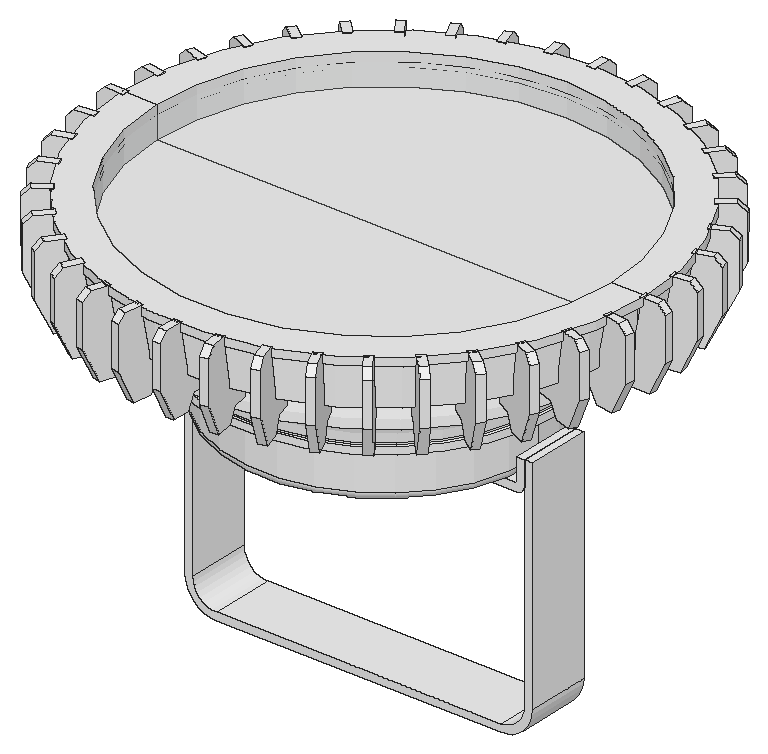
Revit family "HBLH", category Lighting Fixtures, host Face, Revit 2021
Family settings
  Host = Face
  Round Connector Dimension = Use Diameter
  Part Type = Normal
  OmniClass Number = 23.80.70.14.14
  OmniClass Title = Exterior Floodlights
  Cut with Voids When Loaded = No
  Light Source = Yes
  Shared = No
  Room Calculation Point = No
Parameters
  Wattage Comments = "57 Watts, 24 LEDs"
  Wattage = 112 W
  Watt = 57 W
  Warranty = "5 Year Warranty"
  built-in parameter 1150110 = 1 (stored number, unit not read)
  Voltage = 277 V
  URL = "https://www.currentlighting.com/columbialighting"
  built-in parameter 1114217 = 1 (stored number, unit not read)
  Tilt Angle = -90.00°
  built-in parameter 1150109 = 1 (stored number, unit not read)
  built-in parameter 1150134 = 2
  built-in parameter 1150113 = 1 (stored number, unit not read)
  Product Page URL = ""
  Product Documentation Link = ""
  Power Factor = 1
  Photometric Web File = "HBLH60LU5KA070WH.ies"
  Optics = "Narrow"
  Model = "HBLH"  # constant formula
  Material Finish = Paint -  White Texture
  Manufacturer = "Columbia Lighting"  # constant formula
  built-in parameter 1150105 = 811.05 (stored number, unit not read)
  Lumens = 10192 lm
  built-in parameter 1150115 = 1 (stored number, unit not read)
  Load Classification = Lighting
  built-in parameter 1150137 = (empty or 0)
  built-in parameter 1150139 = (empty or 0)
  built-in parameter 1150112 = 1 (stored number, unit not read)
  built-in parameter 1150114 = 1 (stored number, unit not read)
  Lamp = "24 High Performanc LEDs"
  built-in parameter 1150132 = (empty or 0)
  built-in parameter 1150102 = (empty or 0)
  built-in parameter 1150107 = 5000 (stored number, unit not read)
  built-in parameter 1150138 = (empty or 0)
  built-in parameter 1150106 = 8.1105 (stored number, unit not read)
  Glass = Glass
  Fastners = Paint - Light Silver
  Emit from Circle Diameter = 11.000"
  Emit Shape Visible in Rendering = no
  built-in parameter 1150104 = 8.4542 (stored number, unit not read)
  Dimming Lamp Color Temperature Shift = <None>
  Description = "The HBLH Series Hazardous LED Flood Light is designed to efficiently light classified areas in heavy industrial settings."  # constant formula
  Default Elevation = 48.000"
  Contact us = ""
  Color Filter = 16777215
  Certification = "CSA Listed to UL844\r\n• CSA Listed to UL1598 Wet Location\r\n• Wet Location listed up to 90 degrees\r\n• Damp location listed at greater than 90 degrees mounting angle\r\n• Class I, Division 2, Groups A, B, C & D\r\n• IP66 with factory installed ENCG option"  # constant formula
  built-in parameter 1114218 = 1 (stored number, unit not read)
  built-in parameter 1150133 = 10 (stored number, unit not read)
  Apparent Load = Watt / Power Factor  # 57 VA
Reference planes (in)
  plane 1 "Center (Front/Back)": y = 0
  plane 2: z = 0
  plane 3 "Center (Left/Right)": x = 0
  plane 4: z = 8
  plane 5: x = -7
  plane 6: x = 7
  plane 7: x = -6.75
  plane 8: x = 6.75
  plane 9: z = 0.25
  plane 10: y = 1
  plane 11: y = -1
  plane 12: z = 7
  plane 13: z = 7.25
  plane 14: x = -6.5
  plane 15: x = 6.5
  plane 16: x = -5.5
  plane 17: x = 5.5
  plane 18: z = 13
Forms (in)
  Extrusion 1, solid, material "Paint -  White Texture" <- "Material Finish"
    sketch origin (0, 0, 0) x (1, 0, 0) y (0, 0, 1)
      loop
        arc (-5.5, 1) -> (-5.20711, 0.29289) -> (-4.5, 0) r 1
        line (-4.5, 0) -> (4.5, 0)
        arc (4.5, 0) -> (5.20711, 0.29289) -> (5.5, 1) r 1
        line (5.5, 1) -> (5.5, 8) -> (5.25, 8) -> (5.25, 1)
        arc (5.25, 1) -> (5.03033, 0.46967) -> (4.5, 0.25) r 0.75
        line (4.5, 0.25) -> (-4.5, 0.25)
        arc (-4.5, 0.25) -> (-5.03033, 0.46967) -> (-5.25, 1) r 0.75
        line (-5.25, 1) -> (-5.25, 8) -> (-5.5, 8) -> (-5.5, 1)
    from 1 to -1
  Extrusion 2, solid, material "Paint -  White Texture" <- "Material Finish"
    sketch origin (0, 0, 0) x (1, 0, 0) y (0, 0, 1)
      loop
        line (-5.25, 8) -> (-5.25, 7.25)
        arc (-5.25, 7.25) -> (-5.17678, 7.07322) -> (-5, 7) r 0.25
        line (-5, 7) -> (5, 7)
        arc (5, 7) -> (5.17678, 7.07322) -> (5.25, 7.25) r 0.25
        line (5.25, 7.25) -> (5.25, 8) -> (5, 8) -> (5, 7.25) -> (-5, 7.25) -> (-5, 8) -> (-5.25, 8)
    from 1 to -1
  Extrusion 3, solid, material "Paint - Light Silver" <- "Fastners"
    sketch origin (6.75, 0, 7) x (0, 1, 0) y (1, 0, 0)
      loop
        line (0.5, -9.5) -> (0.25, -9.06699) -> (-0.25, -9.06699) -> (-0.5, -9.5) -> (-0.25, -9.93301) -> (0.25, -9.93301) -> (0.5, -9.5)
      loop
        line (0.5, -3.99264) -> (0.25, -3.55963) -> (-0.25, -3.55963) -> (-0.5, -3.99264) -> (-0.25, -4.42565) -> (0.25, -4.42565) -> (0.5, -3.99264)
    from 0 to 0.36841
Dimensions and locks (in)
  plane 4 to plane 2 = 8.000"
  locked: plane 7 to plane 5 at 0.25
  locked: plane 8 to plane 6 at 0.25
  locked: plane 9 to plane 2 at 0.25
  equal spacing: plane 10, plane 1 "Center (Front/Back)", plane 11
  locked: plane 10 to plane 11 at 2
  equal spacing: plane 6, plane 3 "Center (Left/Right)", plane 5, locked at 7 each
  plane 6 to plane 5 = 14.000"
  plane 17 to plane 16 = 11.000"
  radius of Extrusion 1 sketch curve = 0.750"  (x2)
  aligned and locked: plane 2 to host face
  aligned and locked: level to host face
  aligned and locked: plane 2 to Extrusion 1 sketch curve
  aligned and locked: Extrusion 1 sketch curve to plane 4
  aligned and locked: plane 4 to Extrusion 1 sketch curve
  aligned and locked: plane 9 to Extrusion 1 sketch curve
  aligned and locked: Extrusion 1 to plane 11
  aligned and locked: plane 10 to Extrusion 1
  aligned and locked: nested 1 to plane 3 "Center (Left/Right)"
  aligned and locked: nested 1 to plane 1 "Center (Front/Back)"
  aligned and locked: plane 12 to Extrusion 2 sketch curve
  aligned and locked: plane 4 to Extrusion 2 sketch curve
  aligned and locked: Extrusion 2 sketch curve to plane 4
  aligned and locked: plane 13 to Extrusion 2 sketch curve
  aligned and locked: Extrusion 1 to Extrusion 2  (x2)
  aligned and locked: plane 3 "Center (Left/Right)" to imposter light
  aligned and locked: imposter light to plane 1 "Center (Front/Back)"
Automatic sketch dimensions
  host sketch curve to host sketch curve = 96.000"  (x2)
  Extrusion 1 sketch curve to Extrusion 1 sketch curve = 0.000"  (x5)
  plane 7 to Extrusion 1 sketch curve = 1.250"
  Extrusion 1 sketch curve to plane 17 = 1.000"
  Extrusion 2 sketch curve to plane 13 = 0.000"  (x2)
  plane 16 to Extrusion 2 sketch curve = 0.250"
  Extrusion 2 sketch curve to Extrusion 2 sketch curve = 0.000"  (x2)
  Extrusion 2 sketch curve to plane 17 = 0.500"
  Extrusion 3 sketch curve to Extrusion 2 = 0.500"  (x4)
  Extrusion 3 sketch curve to Extrusion 3 sketch curve = 0.250"  (x4)
  Extrusion 3 sketch curve to Extrusion 3 sketch curve = 0.500"  (x4)
  Extrusion 2 to Extrusion 3 sketch curve = 1.80963"
  Extrusion 3 sketch curve to Extrusion 3 sketch curve = 0.43301"  (x6)
  Extrusion 2 to Extrusion 3 sketch curve = 2.68301"
Nested families (in)
  nested 1: "KHL" at (0, 0, 7.25) x (-1, 0, 0) z (0, 0, 1), type "KHL"
Connectors (in)
  electrical at (0, 0, 7.25), driven by "Load Classification", driven by "Voltage", driven by "Apparent Load", driven by "Power Factor"
    settings: on nested 1, index 1, voltage 277 V, apparent load 57 VA, apparent load phase1 0 VA, apparent load phase2 0 VA, apparent load phase3 0 VA, power factor 1, load classification "Lighting", number of poles 1, system type 30, power factor state 1, is connector primary yes, connector utility no, sub classification motor no, connector description "Lighting Connector"
Definition of nested family "KHL"
  Parameters
    Wattage Comments = ""
    URL = ""
    Model = ""
    Material Finish = none
    Manufacturer = ""
    Lamp = ""
    IES FILE LINK = ""
    Glass = none
    Description = ""
    Default Elevation = 48.000"
    Apparent Load = 0 VA
  Reference planes (in)
    plane 1 "Center (Front/Back)": y = 0
    plane 2: z = 0
    plane 3 "Center (Left/Right)": x = 0
    plane 4: z = 6
    plane 5: x = -7.25
    plane 6: x = 7.25
    plane 7: x = -5.5
    plane 8: x = 5.5
    plane 9: x = -9
    plane 10: x = 9
    plane 11: y = -9
    plane 12: y = 9
    plane 13: x = -9
    plane 14: x = 9
    plane 15: through (-8.8892, 1.40791, -18.06561) normal (-0.9877, 0.1564, 0)
    plane 16: through (8.8892, -1.40791, -18.06561) normal (-0.9877, 0.1564, 0)
    plane 17: through (-8.55951, 2.78115, -18.06561) normal (-0.9511, 0.309, 0)
    plane 18: through (8.55951, -2.78115, -18.06561) normal (-0.9511, 0.309, 0)
    plane 19: through (-8.01906, 4.08591, -18.06561) normal (-0.891, 0.454, 0)
    plane 20: through (8.01906, -4.08591, -18.06561) normal (-0.891, 0.454, 0)
    plane 21: through (-7.28115, 5.29007, -18.06561) normal (-0.809, 0.5878, 0)
    plane 22: through (7.28115, -5.29007, -18.06561) normal (-0.809, 0.5878, 0)
    plane 23: through (-6.36396, 6.36396, -18.06561) normal (-0.7071, 0.7071, 0)
    plane 24: through (6.36396, -6.36396, -18.06561) normal (-0.7071, 0.7071, 0)
    plane 25: through (-5.29007, 7.28115, -18.06561) normal (-0.5878, 0.809, 0)
    plane 26: through (5.29007, -7.28115, -18.06561) normal (-0.5878, 0.809, 0)
    plane 27: through (-4.08591, 8.01906, -18.06561) normal (-0.454, 0.891, 0)
    plane 28: through (4.08591, -8.01906, -18.06561) normal (-0.454, 0.891, 0)
    plane 29: through (-2.78115, 8.55951, -18.06561) normal (-0.309, 0.9511, 0)
    plane 30: through (2.78115, -8.55951, -18.06561) normal (-0.309, 0.9511, 0)
    plane 31: through (-1.40791, 8.8892, -18.06561) normal (-0.1564, 0.9877, 0)
    plane 32: through (1.40791, -8.8892, -18.06561) normal (-0.1564, 0.9877, 0)
    plane 33: y = 9
    plane 34: y = -9
    plane 35: through (1.40791, 8.8892, -18.06561) normal (0.1564, 0.9877, 0)
    plane 36: through (-1.40791, -8.8892, -18.06561) normal (0.1564, 0.9877, 0)
    plane 37: through (2.78115, 8.55951, -18.06561) normal (0.309, 0.9511, 0)
    plane 38: through (-2.78115, -8.55951, -18.06561) normal (0.309, 0.9511, 0)
    plane 39: through (4.08591, 8.01906, -18.06561) normal (0.454, 0.891, 0)
    plane 40: through (-4.08591, -8.01906, -18.06561) normal (0.454, 0.891, 0)
    plane 41: through (5.29007, 7.28115, -18.06561) normal (0.5878, 0.809, 0)
    plane 42: through (-5.29007, -7.28115, -18.06561) normal (0.5878, 0.809, 0)
    plane 43: through (6.36396, 6.36396, -18.06561) normal (0.7071, 0.7071, 0)
    plane 44: through (-6.36396, -6.36396, -18.06561) normal (0.7071, 0.7071, 0)
    plane 45: through (7.28115, 5.29007, -18.06561) normal (0.809, 0.5878, 0)
    plane 46: through (-7.28115, -5.29007, -18.06561) normal (0.809, 0.5878, 0)
    plane 47: through (8.01906, 4.08591, -18.06561) normal (0.891, 0.454, 0)
    plane 48: through (-8.01906, -4.08591, -18.06561) normal (0.891, 0.454, 0)
    plane 49: through (8.55951, 2.78115, -18.06561) normal (0.9511, 0.309, 0)
    plane 50: through (-8.55951, -2.78115, -18.06561) normal (0.9511, 0.309, 0)
    plane 51: through (8.8892, 1.40791, -18.06561) normal (0.9877, 0.1564, 0)
    plane 52: through (-8.8892, -1.40791, -18.06561) normal (0.9877, 0.1564, 0)
    plane 53: x = 9
    plane 54: x = -9
    plane 55: through (8.8892, -1.40791, -18.06561) normal (0.9877, -0.1564, 0)
    plane 56: through (-8.8892, 1.40791, -18.06561) normal (0.9877, -0.1564, 0)
    plane 57: through (8.55951, -2.78115, -18.06561) normal (0.9511, -0.309, 0)
    plane 58: through (-8.55951, 2.78115, -18.06561) normal (0.9511, -0.309, 0)
    plane 59: through (8.01906, -4.08591, -18.06561) normal (0.891, -0.454, 0)
    plane 60: through (-8.01906, 4.08591, -18.06561) normal (0.891, -0.454, 0)
    plane 61: through (7.28115, -5.29007, -18.06561) normal (0.809, -0.5878, 0)
    plane 62: through (-7.28115, 5.29007, -18.06561) normal (0.809, -0.5878, 0)
    plane 63: through (6.36396, -6.36396, -18.06561) normal (0.7071, -0.7071, 0)
    plane 64: through (-6.36396, 6.36396, -18.06561) normal (0.7071, -0.7071, 0)
    plane 65: through (5.29007, -7.28115, -18.06561) normal (0.5878, -0.809, 0)
    plane 66: through (-5.29007, 7.28115, -18.06561) normal (0.5878, -0.809, 0)
    plane 67: through (4.08591, -8.01906, -18.06561) normal (0.454, -0.891, 0)
    plane 68: through (-4.08591, 8.01906, -18.06561) normal (0.454, -0.891, 0)
    plane 69: through (2.78115, -8.55951, -18.06561) normal (0.309, -0.9511, 0)
    plane 70: through (-2.78115, 8.55951, -18.06561) normal (0.309, -0.9511, 0)
    plane 71: through (1.40791, -8.8892, -18.06561) normal (0.1564, -0.9877, 0)
    plane 72: through (-1.40791, 8.8892, -18.06561) normal (0.1564, -0.9877, 0)
    plane 73: through (-1.40791, -8.8892, -18.06561) normal (-0.1564, -0.9877, 0)
    plane 74: through (1.40791, 8.8892, -18.06561) normal (-0.1564, -0.9877, 0)
    plane 75: through (-2.78115, -8.55951, -18.06561) normal (-0.309, -0.9511, 0)
    plane 76: through (2.78115, 8.55951, -18.06561) normal (-0.309, -0.9511, 0)
    plane 77: through (-4.08591, -8.01906, -18.06561) normal (-0.454, -0.891, 0)
    plane 78: through (4.08591, 8.01906, -18.06561) normal (-0.454, -0.891, 0)
    plane 79: through (-5.29007, -7.28115, -18.06561) normal (-0.5878, -0.809, 0)
    plane 80: through (5.29007, 7.28115, -18.06561) normal (-0.5878, -0.809, 0)
    plane 81: through (-6.36396, -6.36396, -18.06561) normal (-0.7071, -0.7071, 0)
    plane 82: through (6.36396, 6.36396, -18.06561) normal (-0.7071, -0.7071, 0)
    plane 83: through (-7.28115, -5.29007, -18.06561) normal (-0.809, -0.5878, 0)
    plane 84: through (7.28115, 5.29007, -18.06561) normal (-0.809, -0.5878, 0)
    plane 85: through (-8.01906, -4.08591, -18.06561) normal (-0.891, -0.454, 0)
    plane 86: through (8.01906, 4.08591, -18.06561) normal (-0.891, -0.454, 0)
    plane 87: through (-8.55951, -2.78115, -18.06561) normal (-0.9511, -0.309, 0)
    plane 88: through (8.55951, 2.78115, -18.06561) normal (-0.9511, -0.309, 0)
    plane 89: through (-8.8892, -1.40791, -18.06561) normal (-0.9877, -0.1564, 0)
    plane 90: through (8.8892, 1.40791, -18.06561) normal (-0.9877, -0.1564, 0)
  Forms (in)
    Extrusion 1, solid
      sketch origin (0, 0, 0) x (1, 0, 0) y (0, 1, 0)
        loop
          line (-48, 48) -> (-48, -48) -> (48, -48) -> (48, 48) -> (-48, 48)
      from 0 to -12
    Revolve 2, solid, material <- "Material Finish"
      sketch origin (0, 0, 0) x (1, 0, 0) y (0, 0, 1)
        loop
          line (4.875, 0.25) -> (4.875, 1.56868)
          arc (4.875, 1.56868) -> (4.92811, 1.69689) -> (5.05632, 1.75) r 0.18132
          line (5.05632, 1.75) -> (5.60927, 1.75) -> (5.60927, 1.97746) -> (5.5, 1.97746) -> (5.5, 2.0276)
          arc (5.5, 2.0276) -> (5.89464, 2.98036) -> (6.8474, 3.375) r 1.3474
          line (6.8474, 3.375) -> (7.23385, 3.375)
          arc (7.23385, 3.375) -> (7.12959, 3.90778) -> (6.83219, 4.36196) r 1.4134
          line (6.83219, 4.36196) -> (6.83219, 4.43504) -> (8.03125, 4.43504) -> (8.03125, 5.74507) -> (8.28125, 5.74507) -> (8.28125, 6) -> (7.20302, 6) -> (7.20302, 5) -> (0, 5) -> (0, 0) -> (4.625, 0)
          arc (4.625, 0) -> (4.80178, 0.07322) -> (4.875, 0.25) r 0.25
        axis (0, 6) -> (0, 0)
      angle from 0 to 360
    Extrusion 3, solid, material <- "Glass"
      sketch origin (0, 0, 0) x (1, 0, 0) y (0, 1, 0)
        loop
          circle (0, 0) r 7.20302
      from 5.71977 to 5.56262
    Extrusion 4, solid, material <- "Material Finish"
      sketch origin (1.75, 0, 0) x (1, 0, 0) y (0, 0, 1)
        loop
          line (6.42821, 6) -> (6.42821, 5.59247) -> (6.23107, 4.59805) -> (5.43029, 4.59805) -> (5.43029, 3.78903) -> (5.9375, 3.78903) -> (6.1875, 3.35602) -> (6.75, 3.35602) -> (7.25, 4.38117) -> (7.25, 5.75) -> (7, 6) -> (6.42821, 6)
      from 0.125 to -0.125
    Extrusion 5, solid, material <- "Material Finish"
      sketch origin (1.72845, -0.27376, 0) x (0.987688, -0.156434, 0) y (0, 0, 1)
        loop
          line (6.42821, 6) -> (6.42821, 5.59247) -> (6.23107, 4.59805) -> (5.43029, 4.59805) -> (5.43029, 3.78903) -> (5.9375, 3.78903) -> (6.1875, 3.35602) -> (6.75, 3.35602) -> (7.25, 4.38117) -> (7.25, 5.75) -> (7, 6) -> (6.42821, 6)
      from 0.125 to -0.125
    Extrusion 6, solid, material <- "Material Finish"
      sketch origin (1.66435, -0.54078, 0) x (0.951057, -0.309017, 0) y (0, 0, 1)
        loop
          line (6.42821, 6) -> (6.42821, 5.59247) -> (6.23107, 4.59805) -> (5.43029, 4.59805) -> (5.43029, 3.78903) -> (5.9375, 3.78903) -> (6.1875, 3.35602) -> (6.75, 3.35602) -> (7.25, 4.38117) -> (7.25, 5.75) -> (7, 6) -> (6.42821, 6)
      from 0.125 to -0.125
    Extrusion 7, solid, material <- "Material Finish"
      sketch origin (1.55926, -0.79448, 0) x (0.891007, -0.45399, 0) y (0, 0, 1)
        loop
          line (6.42821, 6) -> (6.42821, 5.59247) -> (6.23107, 4.59805) -> (5.43029, 4.59805) -> (5.43029, 3.78903) -> (5.9375, 3.78903) -> (6.1875, 3.35602) -> (6.75, 3.35602) -> (7.25, 4.38117) -> (7.25, 5.75) -> (7, 6) -> (6.42821, 6)
      from 0.125 to -0.125
    Extrusion 8, solid, material <- "Material Finish"
      sketch origin (1.41578, -1.02862, 0) x (0.809017, -0.587785, 0) y (0, 0, 1)
        loop
          line (6.42821, 6) -> (6.42821, 5.59247) -> (6.23107, 4.59805) -> (5.43029, 4.59805) -> (5.43029, 3.78903) -> (5.9375, 3.78903) -> (6.1875, 3.35602) -> (6.75, 3.35602) -> (7.25, 4.38117) -> (7.25, 5.75) -> (7, 6) -> (6.42821, 6)
      from 0.125 to -0.125
    Extrusion 9, solid, material <- "Material Finish"
      sketch origin (1.23744, -1.23744, 0) x (0.707107, -0.707107, 0) y (0, 0, 1)
        loop
          line (6.42821, 6) -> (6.42821, 5.59247) -> (6.23107, 4.59805) -> (5.43029, 4.59805) -> (5.43029, 3.78903) -> (5.9375, 3.78903) -> (6.1875, 3.35602) -> (6.75, 3.35602) -> (7.25, 4.38117) -> (7.25, 5.75) -> (7, 6) -> (6.42821, 6)
      from 0.125 to -0.125
    Extrusion 10, solid, material <- "Material Finish"
      sketch origin (1.02862, -1.41578, 0) x (0.587785, -0.809017, 0) y (0, 0, 1)
        loop
          line (6.42821, 6) -> (6.42821, 5.59247) -> (6.23107, 4.59805) -> (5.43029, 4.59805) -> (5.43029, 3.78903) -> (5.9375, 3.78903) -> (6.1875, 3.35602) -> (6.75, 3.35602) -> (7.25, 4.38117) -> (7.25, 5.75) -> (7, 6) -> (6.42821, 6)
      from 0.125 to -0.125
    Extrusion 11, solid, material <- "Material Finish"
      sketch origin (0.79448, -1.55926, 0) x (0.45399, -0.891007, 0) y (0, 0, 1)
        loop
          line (6.42821, 6) -> (6.42821, 5.59247) -> (6.23107, 4.59805) -> (5.43029, 4.59805) -> (5.43029, 3.78903) -> (5.9375, 3.78903) -> (6.1875, 3.35602) -> (6.75, 3.35602) -> (7.25, 4.38117) -> (7.25, 5.75) -> (7, 6) -> (6.42821, 6)
      from 0.125 to -0.125
    Extrusion 12, solid, material <- "Material Finish"
      sketch origin (0.54078, -1.66435, 0) x (0.309017, -0.951057, 0) y (0, 0, 1)
        loop
          line (6.42821, 6) -> (6.42821, 5.59247) -> (6.23107, 4.59805) -> (5.43029, 4.59805) -> (5.43029, 3.78903) -> (5.9375, 3.78903) -> (6.1875, 3.35602) -> (6.75, 3.35602) -> (7.25, 4.38117) -> (7.25, 5.75) -> (7, 6) -> (6.42821, 6)
      from 0.125 to -0.125
    Extrusion 13, solid, material <- "Material Finish"
      sketch origin (0.27376, -1.72845, 0) x (0.156434, -0.987688, 0) y (0, 0, 1)
        loop
          line (6.42821, 6) -> (6.42821, 5.59247) -> (6.23107, 4.59805) -> (5.43029, 4.59805) -> (5.43029, 3.78903) -> (5.9375, 3.78903) -> (6.1875, 3.35602) -> (6.75, 3.35602) -> (7.25, 4.38117) -> (7.25, 5.75) -> (7, 6) -> (6.42821, 6)
      from 0.125 to -0.125
    Extrusion 14, solid, material <- "Material Finish"
      sketch origin (0, -1.75, 0) x (0, -1, 0) y (0, 0, 1)
        loop
          line (6.42821, 6) -> (6.42821, 5.59247) -> (6.23107, 4.59805) -> (5.43029, 4.59805) -> (5.43029, 3.78903) -> (5.9375, 3.78903) -> (6.1875, 3.35602) -> (6.75, 3.35602) -> (7.25, 4.38117) -> (7.25, 5.75) -> (7, 6) -> (6.42821, 6)
      from 0.125 to -0.125
    Extrusion 15, solid, material <- "Material Finish"
      sketch origin (-0.27376, -1.72845, 0) x (-0.156434, -0.987688, 0) y (0, 0, 1)
        loop
          line (6.42821, 6) -> (6.42821, 5.59247) -> (6.23107, 4.59805) -> (5.43029, 4.59805) -> (5.43029, 3.78903) -> (5.9375, 3.78903) -> (6.1875, 3.35602) -> (6.75, 3.35602) -> (7.25, 4.38117) -> (7.25, 5.75) -> (7, 6) -> (6.42821, 6)
      from 0.125 to -0.125
    Extrusion 16, solid, material <- "Material Finish"
      sketch origin (-0.54078, -1.66435, 0) x (-0.309017, -0.951057, 0) y (0, 0, 1)
        loop
          line (6.42821, 6) -> (6.42821, 5.59247) -> (6.23107, 4.59805) -> (5.43029, 4.59805) -> (5.43029, 3.78903) -> (5.9375, 3.78903) -> (6.1875, 3.35602) -> (6.75, 3.35602) -> (7.25, 4.38117) -> (7.25, 5.75) -> (7, 6) -> (6.42821, 6)
      from 0.125 to -0.125
    Extrusion 17, solid, material <- "Material Finish"
      sketch origin (-0.79448, -1.55926, 0) x (-0.45399, -0.891007, 0) y (0, 0, 1)
        loop
          line (6.42821, 6) -> (6.42821, 5.59247) -> (6.23107, 4.59805) -> (5.43029, 4.59805) -> (5.43029, 3.78903) -> (5.9375, 3.78903) -> (6.1875, 3.35602) -> (6.75, 3.35602) -> (7.25, 4.38117) -> (7.25, 5.75) -> (7, 6) -> (6.42821, 6)
      from 0.125 to -0.125
    Extrusion 18, solid, material <- "Material Finish"
      sketch origin (-1.02862, -1.41578, 0) x (-0.587785, -0.809017, 0) y (0, 0, 1)
        loop
          line (6.42821, 6) -> (6.42821, 5.59247) -> (6.23107, 4.59805) -> (5.43029, 4.59805) -> (5.43029, 3.78903) -> (5.9375, 3.78903) -> (6.1875, 3.35602) -> (6.75, 3.35602) -> (7.25, 4.38117) -> (7.25, 5.75) -> (7, 6) -> (6.42821, 6)
      from 0.125 to -0.125
    Extrusion 19, solid, material <- "Material Finish"
      sketch origin (-1.23744, -1.23744, 0) x (-0.707107, -0.707107, 0) y (0, 0, 1)
        loop
          line (6.42821, 6) -> (6.42821, 5.59247) -> (6.23107, 4.59805) -> (5.43029, 4.59805) -> (5.43029, 3.78903) -> (5.9375, 3.78903) -> (6.1875, 3.35602) -> (6.75, 3.35602) -> (7.25, 4.38117) -> (7.25, 5.75) -> (7, 6) -> (6.42821, 6)
      from 0.125 to -0.125
    Extrusion 20, solid, material <- "Material Finish"
      sketch origin (-1.41578, -1.02862, 0) x (-0.809017, -0.587785, 0) y (0, 0, 1)
        loop
          line (6.42821, 6) -> (6.42821, 5.59247) -> (6.23107, 4.59805) -> (5.43029, 4.59805) -> (5.43029, 3.78903) -> (5.9375, 3.78903) -> (6.1875, 3.35602) -> (6.75, 3.35602) -> (7.25, 4.38117) -> (7.25, 5.75) -> (7, 6) -> (6.42821, 6)
      from 0.125 to -0.125
    Extrusion 21, solid, material <- "Material Finish"
      sketch origin (-1.55926, -0.79448, 0) x (-0.891007, -0.45399, 0) y (0, 0, 1)
        loop
          line (6.42821, 6) -> (6.42821, 5.59247) -> (6.23107, 4.59805) -> (5.43029, 4.59805) -> (5.43029, 3.78903) -> (5.9375, 3.78903) -> (6.1875, 3.35602) -> (6.75, 3.35602) -> (7.25, 4.38117) -> (7.25, 5.75) -> (7, 6) -> (6.42821, 6)
      from 0.125 to -0.125
    Extrusion 22, solid, material <- "Material Finish"
      sketch origin (-1.66435, -0.54078, 0) x (-0.951057, -0.309017, 0) y (0, 0, 1)
        loop
          line (6.42821, 6) -> (6.42821, 5.59247) -> (6.23107, 4.59805) -> (5.43029, 4.59805) -> (5.43029, 3.78903) -> (5.9375, 3.78903) -> (6.1875, 3.35602) -> (6.75, 3.35602) -> (7.25, 4.38117) -> (7.25, 5.75) -> (7, 6) -> (6.42821, 6)
      from 0.125 to -0.125
    Extrusion 23, solid, material <- "Material Finish"
      sketch origin (-1.72845, -0.27376, 0) x (-0.987688, -0.156434, 0) y (0, 0, 1)
        loop
          line (6.42821, 6) -> (6.42821, 5.59247) -> (6.23107, 4.59805) -> (5.43029, 4.59805) -> (5.43029, 3.78903) -> (5.9375, 3.78903) -> (6.1875, 3.35602) -> (6.75, 3.35602) -> (7.25, 4.38117) -> (7.25, 5.75) -> (7, 6) -> (6.42821, 6)
      from 0.125 to -0.125
    Extrusion 24, solid, material <- "Material Finish"
      sketch origin (-1.75, 0, 0) x (-1, 0, 0) y (0, 0, 1)
        loop
          line (6.42821, 6) -> (6.42821, 5.59247) -> (6.23107, 4.59805) -> (5.43029, 4.59805) -> (5.43029, 3.78903) -> (5.9375, 3.78903) -> (6.1875, 3.35602) -> (6.75, 3.35602) -> (7.25, 4.38117) -> (7.25, 5.75) -> (7, 6) -> (6.42821, 6)
      from 0.125 to -0.125
    Extrusion 25, solid, material <- "Material Finish"
      sketch origin (-1.72845, 0.27376, 0) x (-0.987688, 0.156434, 0) y (0, 0, 1)
        loop
          line (6.42821, 6) -> (6.42821, 5.59247) -> (6.23107, 4.59805) -> (5.43029, 4.59805) -> (5.43029, 3.78903) -> (5.9375, 3.78903) -> (6.1875, 3.35602) -> (6.75, 3.35602) -> (7.25, 4.38117) -> (7.25, 5.75) -> (7, 6) -> (6.42821, 6)
      from 0.125 to -0.125
    Extrusion 26, solid, material <- "Material Finish"
      sketch origin (-1.66435, 0.54078, 0) x (-0.951057, 0.309017, 0) y (0, 0, 1)
        loop
          line (6.42821, 6) -> (6.42821, 5.59247) -> (6.23107, 4.59805) -> (5.43029, 4.59805) -> (5.43029, 3.78903) -> (5.9375, 3.78903) -> (6.1875, 3.35602) -> (6.75, 3.35602) -> (7.25, 4.38117) -> (7.25, 5.75) -> (7, 6) -> (6.42821, 6)
      from 0.125 to -0.125
    Extrusion 27, solid, material <- "Material Finish"
      sketch origin (-1.55926, 0.79448, 0) x (-0.891007, 0.45399, 0) y (0, 0, 1)
        loop
          line (6.42821, 6) -> (6.42821, 5.59247) -> (6.23107, 4.59805) -> (5.43029, 4.59805) -> (5.43029, 3.78903) -> (5.9375, 3.78903) -> (6.1875, 3.35602) -> (6.75, 3.35602) -> (7.25, 4.38117) -> (7.25, 5.75) -> (7, 6) -> (6.42821, 6)
      from 0.125 to -0.125
    Extrusion 28, solid, material <- "Material Finish"
      sketch origin (-1.41578, 1.02862, 0) x (-0.809017, 0.587785, 0) y (0, 0, 1)
        loop
          line (6.42821, 6) -> (6.42821, 5.59247) -> (6.23107, 4.59805) -> (5.43029, 4.59805) -> (5.43029, 3.78903) -> (5.9375, 3.78903) -> (6.1875, 3.35602) -> (6.75, 3.35602) -> (7.25, 4.38117) -> (7.25, 5.75) -> (7, 6) -> (6.42821, 6)
      from 0.125 to -0.125
    Extrusion 29, solid, material <- "Material Finish"
      sketch origin (-1.23744, 1.23744, 0) x (-0.707107, 0.707107, 0) y (0, 0, 1)
        loop
          line (6.42821, 6) -> (6.42821, 5.59247) -> (6.23107, 4.59805) -> (5.43029, 4.59805) -> (5.43029, 3.78903) -> (5.9375, 3.78903) -> (6.1875, 3.35602) -> (6.75, 3.35602) -> (7.25, 4.38117) -> (7.25, 5.75) -> (7, 6) -> (6.42821, 6)
      from 0.125 to -0.125
    Extrusion 30, solid, material <- "Material Finish"
      sketch origin (-1.02862, 1.41578, 0) x (-0.587785, 0.809017, 0) y (0, 0, 1)
        loop
          line (6.42821, 6) -> (6.42821, 5.59247) -> (6.23107, 4.59805) -> (5.43029, 4.59805) -> (5.43029, 3.78903) -> (5.9375, 3.78903) -> (6.1875, 3.35602) -> (6.75, 3.35602) -> (7.25, 4.38117) -> (7.25, 5.75) -> (7, 6) -> (6.42821, 6)
      from 0.125 to -0.125
    Extrusion 31, solid, material <- "Material Finish"
      sketch origin (-0.79448, 1.55926, 0) x (-0.45399, 0.891007, 0) y (0, 0, 1)
        loop
          line (6.42821, 6) -> (6.42821, 5.59247) -> (6.23107, 4.59805) -> (5.43029, 4.59805) -> (5.43029, 3.78903) -> (5.9375, 3.78903) -> (6.1875, 3.35602) -> (6.75, 3.35602) -> (7.25, 4.38117) -> (7.25, 5.75) -> (7, 6) -> (6.42821, 6)
      from 0.125 to -0.125
    Extrusion 32, solid, material <- "Material Finish"
      sketch origin (-0.54078, 1.66435, 0) x (-0.309017, 0.951057, 0) y (0, 0, 1)
        loop
          line (6.42821, 6) -> (6.42821, 5.59247) -> (6.23107, 4.59805) -> (5.43029, 4.59805) -> (5.43029, 3.78903) -> (5.9375, 3.78903) -> (6.1875, 3.35602) -> (6.75, 3.35602) -> (7.25, 4.38117) -> (7.25, 5.75) -> (7, 6) -> (6.42821, 6)
      from 0.125 to -0.125
    Extrusion 33, solid, material <- "Material Finish"
      sketch origin (-0.27376, 1.72845, 0) x (-0.156434, 0.987688, 0) y (0, 0, 1)
        loop
          line (6.42821, 6) -> (6.42821, 5.59247) -> (6.23107, 4.59805) -> (5.43029, 4.59805) -> (5.43029, 3.78903) -> (5.9375, 3.78903) -> (6.1875, 3.35602) -> (6.75, 3.35602) -> (7.25, 4.38117) -> (7.25, 5.75) -> (7, 6) -> (6.42821, 6)
      from 0.125 to -0.125
    Extrusion 34, solid, material <- "Material Finish"
      sketch origin (0, 1.75, 0) x (0, 1, 0) y (0, 0, 1)
        loop
          line (6.42821, 6) -> (6.42821, 5.59247) -> (6.23107, 4.59805) -> (5.43029, 4.59805) -> (5.43029, 3.78903) -> (5.9375, 3.78903) -> (6.1875, 3.35602) -> (6.75, 3.35602) -> (7.25, 4.38117) -> (7.25, 5.75) -> (7, 6) -> (6.42821, 6)
      from 0.125 to -0.125
    Extrusion 35, solid, material <- "Material Finish"
      sketch origin (0.27376, 1.72845, 0) x (0.156434, 0.987688, 0) y (0, 0, 1)
        loop
          line (6.42821, 6) -> (6.42821, 5.59247) -> (6.23107, 4.59805) -> (5.43029, 4.59805) -> (5.43029, 3.78903) -> (5.9375, 3.78903) -> (6.1875, 3.35602) -> (6.75, 3.35602) -> (7.25, 4.38117) -> (7.25, 5.75) -> (7, 6) -> (6.42821, 6)
      from 0.125 to -0.125
    Extrusion 36, solid, material <- "Material Finish"
      sketch origin (0.54078, 1.66435, 0) x (0.309017, 0.951057, 0) y (0, 0, 1)
        loop
          line (6.42821, 6) -> (6.42821, 5.59247) -> (6.23107, 4.59805) -> (5.43029, 4.59805) -> (5.43029, 3.78903) -> (5.9375, 3.78903) -> (6.1875, 3.35602) -> (6.75, 3.35602) -> (7.25, 4.38117) -> (7.25, 5.75) -> (7, 6) -> (6.42821, 6)
      from 0.125 to -0.125
    Extrusion 37, solid, material <- "Material Finish"
      sketch origin (0.79448, 1.55926, 0) x (0.45399, 0.891007, 0) y (0, 0, 1)
        loop
          line (6.42821, 6) -> (6.42821, 5.59247) -> (6.23107, 4.59805) -> (5.43029, 4.59805) -> (5.43029, 3.78903) -> (5.9375, 3.78903) -> (6.1875, 3.35602) -> (6.75, 3.35602) -> (7.25, 4.38117) -> (7.25, 5.75) -> (7, 6) -> (6.42821, 6)
      from 0.125 to -0.125
    Extrusion 38, solid, material <- "Material Finish"
      sketch origin (1.02862, 1.41578, 0) x (0.587785, 0.809017, 0) y (0, 0, 1)
        loop
          line (6.42821, 6) -> (6.42821, 5.59247) -> (6.23107, 4.59805) -> (5.43029, 4.59805) -> (5.43029, 3.78903) -> (5.9375, 3.78903) -> (6.1875, 3.35602) -> (6.75, 3.35602) -> (7.25, 4.38117) -> (7.25, 5.75) -> (7, 6) -> (6.42821, 6)
      from 0.125 to -0.125
    Extrusion 39, solid, material <- "Material Finish"
      sketch origin (1.23744, 1.23744, 0) x (0.707107, 0.707107, 0) y (0, 0, 1)
        loop
          line (6.42821, 6) -> (6.42821, 5.59247) -> (6.23107, 4.59805) -> (5.43029, 4.59805) -> (5.43029, 3.78903) -> (5.9375, 3.78903) -> (6.1875, 3.35602) -> (6.75, 3.35602) -> (7.25, 4.38117) -> (7.25, 5.75) -> (7, 6) -> (6.42821, 6)
      from 0.125 to -0.125
    Extrusion 40, solid, material <- "Material Finish"
      sketch origin (1.41578, 1.02862, 0) x (0.809017, 0.587785, 0) y (0, 0, 1)
        loop
          line (6.42821, 6) -> (6.42821, 5.59247) -> (6.23107, 4.59805) -> (5.43029, 4.59805) -> (5.43029, 3.78903) -> (5.9375, 3.78903) -> (6.1875, 3.35602) -> (6.75, 3.35602) -> (7.25, 4.38117) -> (7.25, 5.75) -> (7, 6) -> (6.42821, 6)
      from 0.125 to -0.125
    Extrusion 41, solid, material <- "Material Finish"
      sketch origin (1.55926, 0.79448, 0) x (0.891007, 0.45399, 0) y (0, 0, 1)
        loop
          line (6.42821, 6) -> (6.42821, 5.59247) -> (6.23107, 4.59805) -> (5.43029, 4.59805) -> (5.43029, 3.78903) -> (5.9375, 3.78903) -> (6.1875, 3.35602) -> (6.75, 3.35602) -> (7.25, 4.38117) -> (7.25, 5.75) -> (7, 6) -> (6.42821, 6)
      from 0.125 to -0.125
    Extrusion 42, solid, material <- "Material Finish"
      sketch origin (1.66435, 0.54078, 0) x (0.951057, 0.309017, 0) y (0, 0, 1)
        loop
          line (6.42821, 6) -> (6.42821, 5.59247) -> (6.23107, 4.59805) -> (5.43029, 4.59805) -> (5.43029, 3.78903) -> (5.9375, 3.78903) -> (6.1875, 3.35602) -> (6.75, 3.35602) -> (7.25, 4.38117) -> (7.25, 5.75) -> (7, 6) -> (6.42821, 6)
      from 0.125 to -0.125
    Extrusion 43, solid, material <- "Material Finish"
      sketch origin (1.72845, 0.27376, 0) x (0.987688, 0.156434, 0) y (0, 0, 1)
        loop
          line (6.42821, 6) -> (6.42821, 5.59247) -> (6.23107, 4.59805) -> (5.43029, 4.59805) -> (5.43029, 3.78903) -> (5.9375, 3.78903) -> (6.1875, 3.35602) -> (6.75, 3.35602) -> (7.25, 4.38117) -> (7.25, 5.75) -> (7, 6) -> (6.42821, 6)
      from 0.125 to -0.125
  Lines and regions (in)
    reference lines
      curve 1: line (5.95302, 0, 4.75) -> (0, 0, 4.75)
      curve 2: line (5.95302, 0, 5.92266) -> (5.95302, 0, 4.75)
      curve 3: line (6.59375, 0, 5.37007) -> (6.59375, 0, 5.92266)
      curve 4: line (6.34375, 0, 5.37007) -> (6.59375, 0, 5.37007)
      curve 5: line (6.34375, 0, 4.37254) -> (5.5, 0, 4.37254)
      curve 6: line (6.34375, 0, 4.37254) -> (6.34375, 0, 5.37007)
      curve 7: arc (6.25, 0, 2.75) -> (6.14885, 0, 3.28681) -> (5.85927, 0, 3.75) r 1.47501
      curve 8: line (5.85927, 0, 2.75) -> (6.25, 0, 2.75)
      curve 9: line (5.85927, 0, 2.75) -> (5.85927, 0, 1.75)
      curve 10: line (5.85927, 0, 1.75) -> (4.74529, 0, 1.75)
      curve 11: line (5.85927, 0, 3.75) -> (4.8978, 0, 3.75)
      curve 12: line (5.10824, 0, 5.71977) -> (6.99125, 0, 5.71977)
  Dimensions and locks (in)
    locked: plane 4 to plane 2 at 6
    equal spacing: plane 6, plane 3 "Center (Left/Right)", plane 5
    equal spacing: plane 8, plane 3 "Center (Left/Right)", plane 7, locked at 5.5 each
    plane 4 to plane 2 = 6.000"
    aligned and locked: plane 2 to Extrusion 1
    aligned and locked: level to Extrusion 1
    aligned and locked: Revolve 2 sketch curve to plane 2
    aligned and locked: Extrusion 3 sketch curve to Revolve 2
    aligned and locked: curve 10 to Revolve 2 sketch curve
  Automatic sketch dimensions
    Extrusion 1 sketch curve to Extrusion 1 sketch curve = 96.000"  (x2)
    curve 1 to plane 3 "Center (Left/Right)" = 0.000"
    plane 8 to curve 5 = 0.000"
    plane 8 to curve 10 = 0.75471"
    plane 8 to curve 7 = 0.72501"
    plane 8 to curve 11 = 0.6022"
    plane 8 to curve 12 = 0.39176"
    curve 11 to plane 8 = 0.35927"
    curve 8 to plane 8 = 0.35927"
    curve 2 to plane 4 = 0.07734"
    curve 2 to plane 8 = 0.45302"
    curve 8 to curve 8 = 0.39073"
    curve 1 to curve 6 = 0.39073"
    curve 4 to curve 4 = 0.250"
    plane 6 to curve 12 = 0.25875"
    curve 12 to plane 4 = 0.28023"
    curve 6 to plane 4 = 0.62993"
    curve 2 to curve 4 = 0.62007"
    curve 5 to curve 1 = 0.37746"
    curve 11 to curve 5 = 0.62254"
    curve 9 to curve 8 = 1.000"
    curve 3 to plane 4 = 0.07734"
    Extrusion 4 sketch curve to Extrusion 4 sketch curve = 0.50721"
    Extrusion 4 sketch curve to Extrusion 4 sketch curve = 0.250"  (x3)
    Extrusion 4 sketch curve to Extrusion 4 sketch curve = 0.80078"
    Extrusion 4 sketch curve to Extrusion 4 sketch curve = 0.19714"
    Extrusion 4 sketch curve to Extrusion 4 sketch curve = 0.5625"
    Extrusion 4 sketch curve to Extrusion 4 sketch curve = 0.57179"
    Extrusion 4 sketch curve to Extrusion 4 sketch curve = 0.43301"
    Extrusion 4 sketch curve to Extrusion 4 sketch curve = 1.02515"
    Extrusion 4 sketch curve to Extrusion 4 sketch curve = 0.80901"
    Extrusion 4 sketch curve to Extrusion 4 sketch curve = 0.99442"
    Extrusion 4 sketch curve to Extrusion 4 sketch curve = 0.15753"
    Extrusion 5 sketch curve to Extrusion 5 sketch curve = 0.50721"
    Extrusion 5 sketch curve to Extrusion 5 sketch curve = 0.250"  (x3)
    Extrusion 5 sketch curve to Extrusion 5 sketch curve = 0.80078"
    Extrusion 5 sketch curve to Extrusion 5 sketch curve = 0.19714"
    Extrusion 5 sketch curve to Extrusion 5 sketch curve = 0.5625"
    Extrusion 5 sketch curve to Extrusion 5 sketch curve = 0.57179"
    Extrusion 5 sketch curve to Extrusion 5 sketch curve = 0.43301"
    Extrusion 5 sketch curve to Extrusion 5 sketch curve = 1.02515"
    Extrusion 5 sketch curve to Extrusion 5 sketch curve = 0.80901"
    Extrusion 5 sketch curve to Extrusion 5 sketch curve = 0.99442"
    Extrusion 5 sketch curve to Extrusion 5 sketch curve = 0.15753"
    Extrusion 6 sketch curve to Extrusion 6 sketch curve = 0.50721"
    Extrusion 6 sketch curve to Extrusion 6 sketch curve = 0.250"  (x3)
    Extrusion 6 sketch curve to Extrusion 6 sketch curve = 0.80078"
    Extrusion 6 sketch curve to Extrusion 6 sketch curve = 0.19714"
    Extrusion 6 sketch curve to Extrusion 6 sketch curve = 0.5625"
    Extrusion 6 sketch curve to Extrusion 6 sketch curve = 0.57179"
    Extrusion 6 sketch curve to Extrusion 6 sketch curve = 0.43301"
    Extrusion 6 sketch curve to Extrusion 6 sketch curve = 1.02515"
    Extrusion 6 sketch curve to Extrusion 6 sketch curve = 0.80901"
    Extrusion 6 sketch curve to Extrusion 6 sketch curve = 0.99442"
    Extrusion 6 sketch curve to Extrusion 6 sketch curve = 0.15753"
    Extrusion 7 sketch curve to Extrusion 7 sketch curve = 0.50721"
    Extrusion 7 sketch curve to Extrusion 7 sketch curve = 0.250"  (x3)
    Extrusion 7 sketch curve to Extrusion 7 sketch curve = 0.80078"
    Extrusion 7 sketch curve to Extrusion 7 sketch curve = 0.19714"
    Extrusion 7 sketch curve to Extrusion 7 sketch curve = 0.5625"
    Extrusion 7 sketch curve to Extrusion 7 sketch curve = 0.57179"
    Extrusion 7 sketch curve to Extrusion 7 sketch curve = 0.43301"
    Extrusion 7 sketch curve to Extrusion 7 sketch curve = 1.02515"
    Extrusion 7 sketch curve to Extrusion 7 sketch curve = 0.80901"
    Extrusion 7 sketch curve to Extrusion 7 sketch curve = 0.99442"
    Extrusion 7 sketch curve to Extrusion 7 sketch curve = 0.15753"
    Extrusion 8 sketch curve to Extrusion 8 sketch curve = 0.50721"
    Extrusion 8 sketch curve to Extrusion 8 sketch curve = 0.250"  (x3)
    Extrusion 8 sketch curve to Extrusion 8 sketch curve = 0.80078"
    Extrusion 8 sketch curve to Extrusion 8 sketch curve = 0.19714"
    Extrusion 8 sketch curve to Extrusion 8 sketch curve = 0.5625"
    Extrusion 8 sketch curve to Extrusion 8 sketch curve = 0.57179"
    Extrusion 8 sketch curve to Extrusion 8 sketch curve = 0.43301"
    Extrusion 8 sketch curve to Extrusion 8 sketch curve = 1.02515"
    Extrusion 8 sketch curve to Extrusion 8 sketch curve = 0.80901"
    Extrusion 8 sketch curve to Extrusion 8 sketch curve = 0.99442"
    Extrusion 8 sketch curve to Extrusion 8 sketch curve = 0.15753"
    Extrusion 9 sketch curve to Extrusion 9 sketch curve = 0.50721"
    Extrusion 9 sketch curve to Extrusion 9 sketch curve = 0.250"  (x3)
    Extrusion 9 sketch curve to Extrusion 9 sketch curve = 0.80078"
    Extrusion 9 sketch curve to Extrusion 9 sketch curve = 0.19714"
    Extrusion 9 sketch curve to Extrusion 9 sketch curve = 0.5625"
    Extrusion 9 sketch curve to Extrusion 9 sketch curve = 0.57179"
    Extrusion 9 sketch curve to Extrusion 9 sketch curve = 0.43301"
    Extrusion 9 sketch curve to Extrusion 9 sketch curve = 1.02515"
    Extrusion 9 sketch curve to Extrusion 9 sketch curve = 0.80901"
    Extrusion 9 sketch curve to Extrusion 9 sketch curve = 0.99442"
    Extrusion 9 sketch curve to Extrusion 9 sketch curve = 0.15753"
    Extrusion 10 sketch curve to Extrusion 10 sketch curve = 0.50721"
    Extrusion 10 sketch curve to Extrusion 10 sketch curve = 0.250"  (x3)
    Extrusion 10 sketch curve to Extrusion 10 sketch curve = 0.80078"
    Extrusion 10 sketch curve to Extrusion 10 sketch curve = 0.19714"
    Extrusion 10 sketch curve to Extrusion 10 sketch curve = 0.5625"
    Extrusion 10 sketch curve to Extrusion 10 sketch curve = 0.57179"
    Extrusion 10 sketch curve to Extrusion 10 sketch curve = 0.43301"
    Extrusion 10 sketch curve to Extrusion 10 sketch curve = 1.02515"
    Extrusion 10 sketch curve to Extrusion 10 sketch curve = 0.80901"
    Extrusion 10 sketch curve to Extrusion 10 sketch curve = 0.99442"
    Extrusion 10 sketch curve to Extrusion 10 sketch curve = 0.15753"
    Extrusion 11 sketch curve to Extrusion 11 sketch curve = 0.50721"
    Extrusion 11 sketch curve to Extrusion 11 sketch curve = 0.250"  (x3)
    Extrusion 11 sketch curve to Extrusion 11 sketch curve = 0.80078"
    Extrusion 11 sketch curve to Extrusion 11 sketch curve = 0.19714"
    Extrusion 11 sketch curve to Extrusion 11 sketch curve = 0.5625"
    Extrusion 11 sketch curve to Extrusion 11 sketch curve = 0.57179"
    Extrusion 11 sketch curve to Extrusion 11 sketch curve = 0.43301"
    Extrusion 11 sketch curve to Extrusion 11 sketch curve = 1.02515"
    Extrusion 11 sketch curve to Extrusion 11 sketch curve = 0.80901"
    Extrusion 11 sketch curve to Extrusion 11 sketch curve = 0.99442"
    Extrusion 11 sketch curve to Extrusion 11 sketch curve = 0.15753"
    Extrusion 12 sketch curve to Extrusion 12 sketch curve = 0.50721"
    Extrusion 12 sketch curve to Extrusion 12 sketch curve = 0.250"  (x3)
    Extrusion 12 sketch curve to Extrusion 12 sketch curve = 0.80078"
    Extrusion 12 sketch curve to Extrusion 12 sketch curve = 0.19714"
    Extrusion 12 sketch curve to Extrusion 12 sketch curve = 0.5625"
    Extrusion 12 sketch curve to Extrusion 12 sketch curve = 0.57179"
    Extrusion 12 sketch curve to Extrusion 12 sketch curve = 0.43301"
    Extrusion 12 sketch curve to Extrusion 12 sketch curve = 1.02515"
    Extrusion 12 sketch curve to Extrusion 12 sketch curve = 0.80901"
    Extrusion 12 sketch curve to Extrusion 12 sketch curve = 0.99442"
    Extrusion 12 sketch curve to Extrusion 12 sketch curve = 0.15753"
    Extrusion 13 sketch curve to Extrusion 13 sketch curve = 0.50721"
    Extrusion 13 sketch curve to Extrusion 13 sketch curve = 0.250"  (x3)
    Extrusion 13 sketch curve to Extrusion 13 sketch curve = 0.80078"
    Extrusion 13 sketch curve to Extrusion 13 sketch curve = 0.19714"
    Extrusion 13 sketch curve to Extrusion 13 sketch curve = 0.5625"
    Extrusion 13 sketch curve to Extrusion 13 sketch curve = 0.57179"
    Extrusion 13 sketch curve to Extrusion 13 sketch curve = 0.43301"
    Extrusion 13 sketch curve to Extrusion 13 sketch curve = 1.02515"
    Extrusion 13 sketch curve to Extrusion 13 sketch curve = 0.80901"
    Extrusion 13 sketch curve to Extrusion 13 sketch curve = 0.99442"
    Extrusion 13 sketch curve to Extrusion 13 sketch curve = 0.15753"
    Extrusion 14 sketch curve to Extrusion 14 sketch curve = 0.50721"
    Extrusion 14 sketch curve to Extrusion 14 sketch curve = 0.250"  (x3)
    Extrusion 14 sketch curve to Extrusion 14 sketch curve = 0.80078"
    Extrusion 14 sketch curve to Extrusion 14 sketch curve = 0.19714"
    Extrusion 14 sketch curve to Extrusion 14 sketch curve = 0.5625"
    Extrusion 14 sketch curve to Extrusion 14 sketch curve = 0.57179"
    Extrusion 14 sketch curve to Extrusion 14 sketch curve = 0.43301"
    Extrusion 14 sketch curve to Extrusion 14 sketch curve = 1.02515"
    Extrusion 14 sketch curve to Extrusion 14 sketch curve = 0.80901"
    Extrusion 14 sketch curve to Extrusion 14 sketch curve = 0.99442"
    Extrusion 14 sketch curve to Extrusion 14 sketch curve = 0.15753"
    Extrusion 15 sketch curve to Extrusion 15 sketch curve = 0.50721"
    Extrusion 15 sketch curve to Extrusion 15 sketch curve = 0.250"  (x3)
    Extrusion 15 sketch curve to Extrusion 15 sketch curve = 0.80078"
    Extrusion 15 sketch curve to Extrusion 15 sketch curve = 0.19714"
    Extrusion 15 sketch curve to Extrusion 15 sketch curve = 0.5625"
    Extrusion 15 sketch curve to Extrusion 15 sketch curve = 0.57179"
    Extrusion 15 sketch curve to Extrusion 15 sketch curve = 0.43301"
    Extrusion 15 sketch curve to Extrusion 15 sketch curve = 1.02515"
    Extrusion 15 sketch curve to Extrusion 15 sketch curve = 0.80901"
    Extrusion 15 sketch curve to Extrusion 15 sketch curve = 0.99442"
    Extrusion 15 sketch curve to Extrusion 15 sketch curve = 0.15753"
    Extrusion 16 sketch curve to Extrusion 16 sketch curve = 0.50721"
    Extrusion 16 sketch curve to Extrusion 16 sketch curve = 0.250"  (x3)
    Extrusion 16 sketch curve to Extrusion 16 sketch curve = 0.80078"
    Extrusion 16 sketch curve to Extrusion 16 sketch curve = 0.19714"
    Extrusion 16 sketch curve to Extrusion 16 sketch curve = 0.5625"
    Extrusion 16 sketch curve to Extrusion 16 sketch curve = 0.57179"
    Extrusion 16 sketch curve to Extrusion 16 sketch curve = 0.43301"
    Extrusion 16 sketch curve to Extrusion 16 sketch curve = 1.02515"
    Extrusion 16 sketch curve to Extrusion 16 sketch curve = 0.80901"
    Extrusion 16 sketch curve to Extrusion 16 sketch curve = 0.99442"
    Extrusion 16 sketch curve to Extrusion 16 sketch curve = 0.15753"
    Extrusion 17 sketch curve to Extrusion 17 sketch curve = 0.50721"
    Extrusion 17 sketch curve to Extrusion 17 sketch curve = 0.250"  (x3)
    Extrusion 17 sketch curve to Extrusion 17 sketch curve = 0.80078"
    Extrusion 17 sketch curve to Extrusion 17 sketch curve = 0.19714"
    Extrusion 17 sketch curve to Extrusion 17 sketch curve = 0.5625"
    Extrusion 17 sketch curve to Extrusion 17 sketch curve = 0.57179"
    Extrusion 17 sketch curve to Extrusion 17 sketch curve = 0.43301"
    Extrusion 17 sketch curve to Extrusion 17 sketch curve = 1.02515"
    Extrusion 17 sketch curve to Extrusion 17 sketch curve = 0.80901"
    Extrusion 17 sketch curve to Extrusion 17 sketch curve = 0.99442"
    Extrusion 17 sketch curve to Extrusion 17 sketch curve = 0.15753"
    Extrusion 18 sketch curve to Extrusion 18 sketch curve = 0.50721"
    Extrusion 18 sketch curve to Extrusion 18 sketch curve = 0.250"  (x3)
    Extrusion 18 sketch curve to Extrusion 18 sketch curve = 0.80078"
    Extrusion 18 sketch curve to Extrusion 18 sketch curve = 0.19714"
    Extrusion 18 sketch curve to Extrusion 18 sketch curve = 0.5625"
    Extrusion 18 sketch curve to Extrusion 18 sketch curve = 0.57179"
    Extrusion 18 sketch curve to Extrusion 18 sketch curve = 0.43301"
    Extrusion 18 sketch curve to Extrusion 18 sketch curve = 1.02515"
    Extrusion 18 sketch curve to Extrusion 18 sketch curve = 0.80901"
    Extrusion 18 sketch curve to Extrusion 18 sketch curve = 0.99442"
    Extrusion 18 sketch curve to Extrusion 18 sketch curve = 0.15753"
    Extrusion 19 sketch curve to Extrusion 19 sketch curve = 0.50721"
    Extrusion 19 sketch curve to Extrusion 19 sketch curve = 0.250"  (x3)
    Extrusion 19 sketch curve to Extrusion 19 sketch curve = 0.80078"
    Extrusion 19 sketch curve to Extrusion 19 sketch curve = 0.19714"
    Extrusion 19 sketch curve to Extrusion 19 sketch curve = 0.5625"
    Extrusion 19 sketch curve to Extrusion 19 sketch curve = 0.57179"
    Extrusion 19 sketch curve to Extrusion 19 sketch curve = 0.43301"
    Extrusion 19 sketch curve to Extrusion 19 sketch curve = 1.02515"
    Extrusion 19 sketch curve to Extrusion 19 sketch curve = 0.80901"
    Extrusion 19 sketch curve to Extrusion 19 sketch curve = 0.99442"
    Extrusion 19 sketch curve to Extrusion 19 sketch curve = 0.15753"
    Extrusion 20 sketch curve to Extrusion 20 sketch curve = 0.50721"
    Extrusion 20 sketch curve to Extrusion 20 sketch curve = 0.250"  (x3)
    Extrusion 20 sketch curve to Extrusion 20 sketch curve = 0.80078"
    Extrusion 20 sketch curve to Extrusion 20 sketch curve = 0.19714"
    Extrusion 20 sketch curve to Extrusion 20 sketch curve = 0.5625"
    Extrusion 20 sketch curve to Extrusion 20 sketch curve = 0.57179"
    Extrusion 20 sketch curve to Extrusion 20 sketch curve = 0.43301"
    Extrusion 20 sketch curve to Extrusion 20 sketch curve = 1.02515"
    Extrusion 20 sketch curve to Extrusion 20 sketch curve = 0.80901"
    Extrusion 20 sketch curve to Extrusion 20 sketch curve = 0.99442"
    Extrusion 20 sketch curve to Extrusion 20 sketch curve = 0.15753"
    Extrusion 21 sketch curve to Extrusion 21 sketch curve = 0.50721"
    Extrusion 21 sketch curve to Extrusion 21 sketch curve = 0.250"  (x3)
    Extrusion 21 sketch curve to Extrusion 21 sketch curve = 0.80078"
    Extrusion 21 sketch curve to Extrusion 21 sketch curve = 0.19714"
    Extrusion 21 sketch curve to Extrusion 21 sketch curve = 0.5625"
    Extrusion 21 sketch curve to Extrusion 21 sketch curve = 0.57179"
    Extrusion 21 sketch curve to Extrusion 21 sketch curve = 0.43301"
    Extrusion 21 sketch curve to Extrusion 21 sketch curve = 1.02515"
    Extrusion 21 sketch curve to Extrusion 21 sketch curve = 0.80901"
    Extrusion 21 sketch curve to Extrusion 21 sketch curve = 0.99442"
    Extrusion 21 sketch curve to Extrusion 21 sketch curve = 0.15753"
    Extrusion 22 sketch curve to Extrusion 22 sketch curve = 0.50721"
    Extrusion 22 sketch curve to Extrusion 22 sketch curve = 0.250"  (x3)
    Extrusion 22 sketch curve to Extrusion 22 sketch curve = 0.80078"
    Extrusion 22 sketch curve to Extrusion 22 sketch curve = 0.19714"
    Extrusion 22 sketch curve to Extrusion 22 sketch curve = 0.5625"
    Extrusion 22 sketch curve to Extrusion 22 sketch curve = 0.57179"
    Extrusion 22 sketch curve to Extrusion 22 sketch curve = 0.43301"
    Extrusion 22 sketch curve to Extrusion 22 sketch curve = 1.02515"
    Extrusion 22 sketch curve to Extrusion 22 sketch curve = 0.80901"
    Extrusion 22 sketch curve to Extrusion 22 sketch curve = 0.99442"
    Extrusion 22 sketch curve to Extrusion 22 sketch curve = 0.15753"
    Extrusion 23 sketch curve to Extrusion 23 sketch curve = 0.50721"
    Extrusion 23 sketch curve to Extrusion 23 sketch curve = 0.250"  (x3)
    Extrusion 23 sketch curve to Extrusion 23 sketch curve = 0.80078"
    Extrusion 23 sketch curve to Extrusion 23 sketch curve = 0.19714"
    Extrusion 23 sketch curve to Extrusion 23 sketch curve = 0.5625"
    Extrusion 23 sketch curve to Extrusion 23 sketch curve = 0.57179"
    Extrusion 23 sketch curve to Extrusion 23 sketch curve = 0.43301"
    Extrusion 23 sketch curve to Extrusion 23 sketch curve = 1.02515"
    Extrusion 23 sketch curve to Extrusion 23 sketch curve = 0.80901"
    Extrusion 23 sketch curve to Extrusion 23 sketch curve = 0.99442"
    Extrusion 23 sketch curve to Extrusion 23 sketch curve = 0.15753"
    Extrusion 24 sketch curve to Extrusion 24 sketch curve = 0.50721"
    Extrusion 24 sketch curve to Extrusion 24 sketch curve = 0.250"  (x3)
    Extrusion 24 sketch curve to Extrusion 24 sketch curve = 0.80078"
    Extrusion 24 sketch curve to Extrusion 24 sketch curve = 0.19714"
    Extrusion 24 sketch curve to Extrusion 24 sketch curve = 0.5625"
    Extrusion 24 sketch curve to Extrusion 24 sketch curve = 0.57179"
    Extrusion 24 sketch curve to Extrusion 24 sketch curve = 0.43301"
    Extrusion 24 sketch curve to Extrusion 24 sketch curve = 1.02515"
    Extrusion 24 sketch curve to Extrusion 24 sketch curve = 0.80901"
    Extrusion 24 sketch curve to Extrusion 24 sketch curve = 0.99442"
    Extrusion 24 sketch curve to Extrusion 24 sketch curve = 0.15753"
    Extrusion 25 sketch curve to Extrusion 25 sketch curve = 0.50721"
    Extrusion 25 sketch curve to Extrusion 25 sketch curve = 0.250"  (x3)
    Extrusion 25 sketch curve to Extrusion 25 sketch curve = 0.80078"
    Extrusion 25 sketch curve to Extrusion 25 sketch curve = 0.19714"
    Extrusion 25 sketch curve to Extrusion 25 sketch curve = 0.5625"
    Extrusion 25 sketch curve to Extrusion 25 sketch curve = 0.57179"
    Extrusion 25 sketch curve to Extrusion 25 sketch curve = 0.43301"
    Extrusion 25 sketch curve to Extrusion 25 sketch curve = 1.02515"
    Extrusion 25 sketch curve to Extrusion 25 sketch curve = 0.80901"
    Extrusion 25 sketch curve to Extrusion 25 sketch curve = 0.99442"
    Extrusion 25 sketch curve to Extrusion 25 sketch curve = 0.15753"
    Extrusion 26 sketch curve to Extrusion 26 sketch curve = 0.50721"
    Extrusion 26 sketch curve to Extrusion 26 sketch curve = 0.250"  (x3)
    Extrusion 26 sketch curve to Extrusion 26 sketch curve = 0.80078"
    Extrusion 26 sketch curve to Extrusion 26 sketch curve = 0.19714"
    Extrusion 26 sketch curve to Extrusion 26 sketch curve = 0.5625"
    Extrusion 26 sketch curve to Extrusion 26 sketch curve = 0.57179"
    Extrusion 26 sketch curve to Extrusion 26 sketch curve = 0.43301"
    Extrusion 26 sketch curve to Extrusion 26 sketch curve = 1.02515"
    Extrusion 26 sketch curve to Extrusion 26 sketch curve = 0.80901"
    Extrusion 26 sketch curve to Extrusion 26 sketch curve = 0.99442"
    Extrusion 26 sketch curve to Extrusion 26 sketch curve = 0.15753"
    Extrusion 27 sketch curve to Extrusion 27 sketch curve = 0.50721"
    Extrusion 27 sketch curve to Extrusion 27 sketch curve = 0.250"  (x3)
    Extrusion 27 sketch curve to Extrusion 27 sketch curve = 0.80078"
    Extrusion 27 sketch curve to Extrusion 27 sketch curve = 0.19714"
    Extrusion 27 sketch curve to Extrusion 27 sketch curve = 0.5625"
    Extrusion 27 sketch curve to Extrusion 27 sketch curve = 0.57179"
    Extrusion 27 sketch curve to Extrusion 27 sketch curve = 0.43301"
    Extrusion 27 sketch curve to Extrusion 27 sketch curve = 1.02515"
    Extrusion 27 sketch curve to Extrusion 27 sketch curve = 0.80901"
    Extrusion 27 sketch curve to Extrusion 27 sketch curve = 0.99442"
    Extrusion 27 sketch curve to Extrusion 27 sketch curve = 0.15753"
    Extrusion 28 sketch curve to Extrusion 28 sketch curve = 0.50721"
    Extrusion 28 sketch curve to Extrusion 28 sketch curve = 0.250"  (x3)
    Extrusion 28 sketch curve to Extrusion 28 sketch curve = 0.80078"
    Extrusion 28 sketch curve to Extrusion 28 sketch curve = 0.19714"
    Extrusion 28 sketch curve to Extrusion 28 sketch curve = 0.5625"
    Extrusion 28 sketch curve to Extrusion 28 sketch curve = 0.57179"
    Extrusion 28 sketch curve to Extrusion 28 sketch curve = 0.43301"
    Extrusion 28 sketch curve to Extrusion 28 sketch curve = 1.02515"
    Extrusion 28 sketch curve to Extrusion 28 sketch curve = 0.80901"
    Extrusion 28 sketch curve to Extrusion 28 sketch curve = 0.99442"
    Extrusion 28 sketch curve to Extrusion 28 sketch curve = 0.15753"
    Extrusion 29 sketch curve to Extrusion 29 sketch curve = 0.50721"
    Extrusion 29 sketch curve to Extrusion 29 sketch curve = 0.250"  (x3)
    Extrusion 29 sketch curve to Extrusion 29 sketch curve = 0.80078"
    Extrusion 29 sketch curve to Extrusion 29 sketch curve = 0.19714"
    Extrusion 29 sketch curve to Extrusion 29 sketch curve = 0.5625"
    Extrusion 29 sketch curve to Extrusion 29 sketch curve = 0.57179"
    Extrusion 29 sketch curve to Extrusion 29 sketch curve = 0.43301"
    Extrusion 29 sketch curve to Extrusion 29 sketch curve = 1.02515"
    Extrusion 29 sketch curve to Extrusion 29 sketch curve = 0.80901"
    Extrusion 29 sketch curve to Extrusion 29 sketch curve = 0.99442"
    Extrusion 29 sketch curve to Extrusion 29 sketch curve = 0.15753"
    Extrusion 30 sketch curve to Extrusion 30 sketch curve = 0.50721"
    Extrusion 30 sketch curve to Extrusion 30 sketch curve = 0.250"  (x3)
    Extrusion 30 sketch curve to Extrusion 30 sketch curve = 0.80078"
    Extrusion 30 sketch curve to Extrusion 30 sketch curve = 0.19714"
    Extrusion 30 sketch curve to Extrusion 30 sketch curve = 0.5625"
    Extrusion 30 sketch curve to Extrusion 30 sketch curve = 0.57179"
    Extrusion 30 sketch curve to Extrusion 30 sketch curve = 0.43301"
    Extrusion 30 sketch curve to Extrusion 30 sketch curve = 1.02515"
    Extrusion 30 sketch curve to Extrusion 30 sketch curve = 0.80901"
    Extrusion 30 sketch curve to Extrusion 30 sketch curve = 0.99442"
    Extrusion 30 sketch curve to Extrusion 30 sketch curve = 0.15753"
    Extrusion 31 sketch curve to Extrusion 31 sketch curve = 0.50721"
    Extrusion 31 sketch curve to Extrusion 31 sketch curve = 0.250"  (x3)
    Extrusion 31 sketch curve to Extrusion 31 sketch curve = 0.80078"
    Extrusion 31 sketch curve to Extrusion 31 sketch curve = 0.19714"
    Extrusion 31 sketch curve to Extrusion 31 sketch curve = 0.5625"
    Extrusion 31 sketch curve to Extrusion 31 sketch curve = 0.57179"
    Extrusion 31 sketch curve to Extrusion 31 sketch curve = 0.43301"
    Extrusion 31 sketch curve to Extrusion 31 sketch curve = 1.02515"
    Extrusion 31 sketch curve to Extrusion 31 sketch curve = 0.80901"
    Extrusion 31 sketch curve to Extrusion 31 sketch curve = 0.99442"
    Extrusion 31 sketch curve to Extrusion 31 sketch curve = 0.15753"
    Extrusion 32 sketch curve to Extrusion 32 sketch curve = 0.50721"
    Extrusion 32 sketch curve to Extrusion 32 sketch curve = 0.250"  (x3)
    Extrusion 32 sketch curve to Extrusion 32 sketch curve = 0.80078"
    Extrusion 32 sketch curve to Extrusion 32 sketch curve = 0.19714"
    Extrusion 32 sketch curve to Extrusion 32 sketch curve = 0.5625"
